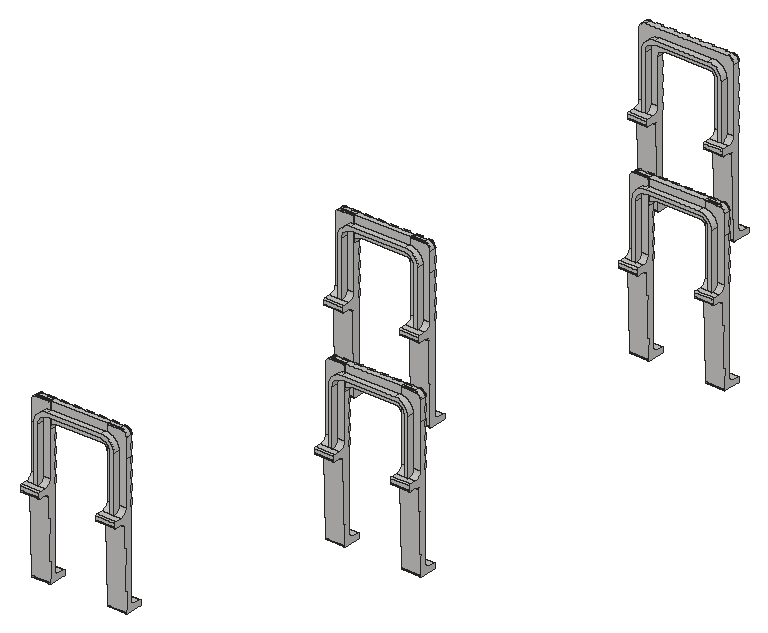
Revit family "TSF‐___‐DSD‐IRON‐SI_B0 (LOD500)", category Generic Models, host Face, Revit 2018 (continued)
Forms (mm)
  Extrusion 26, solid, material "Stainless Steel", visible <- "LHS"
    sketch origin (50, -908, 0) x (0, 0, 1) y (1, 0, 0)
      loop
        line (40, 75) -> (40, 73.5)
        arc (40, 73.5) -> (40.146, 73.146) -> (40.5, 73) r 0.5
        line (40.5, 73) -> (49.5, 73)
        arc (49.5, 73) -> (49.854, 73.146) -> (50, 73.5) r 0.5
        line (50, 73.5) -> (50, 75) -> (40, 75)
      loop
        line (60, 75) -> (60, 73.5)
        arc (60, 73.5) -> (60.146, 73.146) -> (60.5, 73) r 0.5
        line (60.5, 73) -> (69.5, 73)
        arc (69.5, 73) -> (69.854, 73.146) -> (70, 73.5) r 0.5
        line (70, 73.5) -> (70, 75) -> (60, 75)
      loop
        line (80, 75) -> (80, 73.5)
        arc (80, 73.5) -> (80.146, 73.146) -> (80.5, 73) r 0.5
        line (80.5, 73) -> (89.492, 73)
        arc (89.492, 73) -> (89.851, 73.149) -> (90, 73.508) r 0.508
        line (90, 73.508) -> (90, 75) -> (80, 75)
      loop
        line (100, 75) -> (100, 73.5)
        arc (100, 73.5) -> (100.146, 73.146) -> (100.5, 73) r 0.5
        line (100.5, 73) -> (109.5, 73)
        arc (109.5, 73) -> (109.854, 73.146) -> (110, 73.5) r 0.5
        line (110, 73.5) -> (110, 75) -> (100, 75)
      loop
        arc (120, 73.528) -> (120.148, 73.155) -> (120.511, 72.984) r 0.546
        arc (120.511, 72.984) -> (125.835, 70.473) -> (128, 65) r 8
        line (128, 65) -> (130, 65)
        arc (130, 65) -> (127.071, 72.071) -> (120, 75) r 10
        line (120, 75) -> (120, 73.528)
      loop
        line (130, 45) -> (130, 55) -> (128.5, 55)
        arc (128.5, 55) -> (128.146, 54.854) -> (128, 54.5) r 0.5
        line (128, 54.5) -> (128, 45.5)
        arc (128, 45.5) -> (128.146, 45.146) -> (128.5, 45) r 0.5
        line (128.5, 45) -> (130, 45)
      loop
        line (130, 25) -> (130, 35) -> (128.5, 35)
        arc (128.5, 35) -> (128.146, 34.854) -> (128, 34.5) r 0.5
        line (128, 34.5) -> (128, 25.5)
        arc (128, 25.5) -> (128.146, 25.146) -> (128.5, 25) r 0.5
        line (128.5, 25) -> (130, 25)
      loop
        line (130, 5) -> (130, 15) -> (128.5, 15)
        arc (128.5, 15) -> (128.146, 14.854) -> (128, 14.5) r 0.5
        line (128, 14.5) -> (128, 5.5)
        arc (128, 5.5) -> (128.146, 5.146) -> (128.5, 5) r 0.5
        line (128.5, 5) -> (130, 5)
      loop
        line (130, -15) -> (130, -5) -> (128.5, -5)
        arc (128.5, -5) -> (128.146, -5.146) -> (128, -5.5) r 0.5
        line (128, -5.5) -> (128, -14.5)
        arc (128, -14.5) -> (128.146, -14.854) -> (128.5, -15) r 0.5
        line (128.5, -15) -> (130, -15)
      loop
        line (130, -35) -> (130, -25) -> (128.5, -25)
        arc (128.5, -25) -> (128.146, -25.146) -> (128, -25.5) r 0.5
        line (128, -25.5) -> (128, -34.5)
        arc (128, -34.5) -> (128.146, -34.854) -> (128.5, -35) r 0.5
        line (128.5, -35) -> (130, -35)
      loop
        line (130, -55) -> (130, -45) -> (128.5, -45)
        arc (128.5, -45) -> (128.146, -45.146) -> (128, -45.5) r 0.5
        line (128, -45.5) -> (128, -54.5)
        arc (128, -54.5) -> (128.146, -54.854) -> (128.5, -55) r 0.5
        line (128.5, -55) -> (130, -55)
      loop
        line (120, -73.508) -> (120, -75)
        arc (120, -75) -> (127.071, -72.071) -> (130, -65) r 10
        line (130, -65) -> (128.515, -65)
        arc (128.515, -65) -> (128.151, -65.144) -> (127.984, -65.499) r 0.532
        arc (127.984, -65.499) -> (125.655, -70.659) -> (120.492, -72.985) r 8
        arc (120.492, -72.985) -> (120.142, -73.149) -> (120, -73.508) r 0.525
      loop
        line (100, -75) -> (110, -75) -> (110, -73.5)
        arc (110, -73.5) -> (109.854, -73.146) -> (109.5, -73) r 0.5
        line (109.5, -73) -> (100.5, -73)
        arc (100.5, -73) -> (100.146, -73.146) -> (100, -73.5) r 0.5
        line (100, -73.5) -> (100, -75)
      loop
        line (80, -75) -> (90, -75) -> (90, -73.5)
        arc (90, -73.5) -> (89.854, -73.146) -> (89.5, -73) r 0.5
        line (89.5, -73) -> (80.5, -73)
        arc (80.5, -73) -> (80.146, -73.146) -> (80, -73.5) r 0.5
        line (80, -73.5) -> (80, -75)
      loop
        line (60, -75) -> (71.013, -75) -> (71.013, -73.5)
        arc (71.013, -73.5) -> (70.866, -73.146) -> (70.513, -73) r 0.5
        line (70.513, -73) -> (60.5, -73)
        arc (60.5, -73) -> (60.146, -73.146) -> (60, -73.5) r 0.5
        line (60, -73.5) -> (60, -75)
      loop
        line (40, -75) -> (50, -75) -> (50, -73.5)
        arc (50, -73.5) -> (49.854, -73.146) -> (49.5, -73) r 0.5
        line (49.5, -73) -> (40.5, -73)
        arc (40.5, -73) -> (40.146, -73.146) -> (40, -73.5) r 0.5
        line (40, -73.5) -> (40, -75)
      loop
        line (20, -75) -> (30, -75) -> (30, -73.5)
        arc (30, -73.5) -> (29.854, -73.146) -> (29.5, -73) r 0.5
        line (29.5, -73) -> (20.5, -73)
        arc (20.5, -73) -> (20.146, -73.146) -> (20, -73.5) r 0.5
        line (20, -73.5) -> (20, -75)
      loop
        line (10, -47) -> (19.5, -47)
        arc (19.5, -47) -> (19.854, -46.854) -> (20, -46.5) r 0.5
        line (20, -46.5) -> (20, -45) -> (10, -45) -> (10, -47)
      loop
        line (30, -45) -> (30, -46.5)
        arc (30, -46.5) -> (30.146, -46.854) -> (30.5, -47) r 0.5
        line (30.5, -47) -> (39.5, -47)
        arc (39.5, -47) -> (39.854, -46.854) -> (40, -46.5) r 0.5
        line (40, -46.5) -> (40, -45) -> (30, -45)
      loop
        line (50, -45) -> (50, -46.5)
        arc (50, -46.5) -> (50.146, -46.854) -> (50.5, -47) r 0.5
        line (50.5, -47) -> (59.5, -47)
        arc (59.5, -47) -> (59.854, -46.854) -> (60, -46.5) r 0.5
        line (60, -46.5) -> (60, -45) -> (50, -45)
      loop
        line (71.097, -45) -> (71.097, -46.5)
        arc (71.097, -46.5) -> (71.244, -46.854) -> (71.597, -47) r 0.5
        line (71.597, -47) -> (79.5, -47)
        arc (79.5, -47) -> (79.854, -46.854) -> (80, -46.5) r 0.5
        line (80, -46.5) -> (80, -45) -> (71.097, -45)
      loop
        arc (95.528, -45.651) -> (95.774, -45.36) -> (95.746, -44.98) r 0.502
        line (95.746, -44.98) -> (95.067, -43.621)
        arc (95.067, -43.621) -> (92.626, -44.649) -> (90, -45) r 10
        line (90, -45) -> (90, -46.489)
        arc (90, -46.489) -> (90.154, -46.85) -> (90.522, -46.989) r 0.5
        arc (90.522, -46.989) -> (93.098, -46.593) -> (95.528, -45.651) r 12
      loop
        arc (100, -35) -> (99.671, -37.543) -> (98.707, -39.918) r 10
        line (98.707, -39.918) -> (100.107, -40.519)
        arc (100.107, -40.519) -> (100.494, -40.529) -> (100.781, -40.269) r 0.521
        arc (100.781, -40.269) -> (101.63, -37.958) -> (101.989, -35.522) r 12
        arc (101.989, -35.522) -> (101.85, -35.154) -> (101.489, -35) r 0.5
        line (101.489, -35) -> (100, -35)
      loop
        line (100, -25) -> (101.5, -25)
        arc (101.5, -25) -> (101.854, -24.854) -> (102, -24.5) r 0.5
        line (102, -24.5) -> (102, -15.5)
        arc (102, -15.5) -> (101.854, -15.146) -> (101.5, -15) r 0.5
        line (101.5, -15) -> (100, -15) -> (100, -25)
      loop
        line (100, -5) -> (101.5, -5)
        arc (101.5, -5) -> (101.854, -4.854) -> (102, -4.5) r 0.5
        line (102, -4.5) -> (102, 4.5)
        arc (102, 4.5) -> (101.854, 4.854) -> (101.5, 5) r 0.5
        line (101.5, 5) -> (100, 5) -> (100, -5)
      loop
        line (100, 15) -> (101.5, 15)
        arc (101.5, 15) -> (101.854, 15.146) -> (102, 15.5) r 0.5
        line (102, 15.5) -> (102, 24.5)
        arc (102, 24.5) -> (101.854, 24.854) -> (101.5, 25) r 0.5
        line (101.5, 25) -> (100, 25) -> (100, 15)
      loop
        line (10, 47) -> (10, 45) -> (20, 45) -> (20, 46.5)
        arc (20, 46.5) -> (19.854, 46.854) -> (19.5, 47) r 0.5
        line (19.5, 47) -> (10, 47)
      loop
        line (30, 45) -> (40, 45) -> (40, 46.5)
        arc (40, 46.5) -> (39.854, 46.854) -> (39.5, 47) r 0.5
        line (39.5, 47) -> (30.5, 47)
        arc (30.5, 47) -> (30.146, 46.854) -> (30, 46.5) r 0.5
        line (30, 46.5) -> (30, 45)
      loop
        line (50, 45) -> (60, 45) -> (60, 46.5)
        arc (60, 46.5) -> (59.854, 46.854) -> (59.5, 47) r 0.5
        line (59.5, 47) -> (50.5, 47)
        arc (50.5, 47) -> (50.146, 46.854) -> (50, 46.5) r 0.5
        line (50, 46.5) -> (50, 45)
      loop
        line (70, 45) -> (80, 45) -> (80, 46.5)
        arc (80, 46.5) -> (79.854, 46.854) -> (79.5, 47) r 0.5
        line (79.5, 47) -> (70.5, 47)
        arc (70.5, 47) -> (70.146, 46.854) -> (70, 46.5) r 0.5
        line (70, 46.5) -> (70, 45)
      loop
        arc (100.495, 40.818) -> (100.182, 41.061) -> (99.79, 41.004) r 0.505
        line (99.79, 41.004) -> (98.525, 40.228)
        arc (98.525, 40.228) -> (99.624, 37.716) -> (100, 35) r 10
        line (100, 35) -> (101.489, 35)
        arc (101.489, 35) -> (101.85, 35.154) -> (101.989, 35.522) r 0.5
        arc (101.989, 35.522) -> (101.55, 38.257) -> (100.495, 40.818) r 12
      loop
        arc (90, 45) -> (92.484, 44.687) -> (94.812, 43.766) r 10
        line (94.812, 43.766) -> (95.62, 44.978)
        arc (95.62, 44.978) -> (95.687, 45.382) -> (95.43, 45.701) r 0.5
        arc (95.43, 45.701) -> (93.045, 46.607) -> (90.522, 46.989) r 12
        arc (90.522, 46.989) -> (90.154, 46.85) -> (90, 46.489) r 0.5
        line (90, 46.489) -> (90, 45)
    from 8 to 10
  Extrusion 27, solid, material "Stainless Steel", visible <- "LHS"
    sketch origin (50, -908, 0) x (0, 0, 1) y (0, 1, 0)
      loop
        arc (-130, 1.939) -> (-129.436, 0.547) -> (-128.061, -0.06) r 2
        line (-128.061, -0.06) -> (-4.791, -3.851)
        arc (-4.791, -3.851) -> (-1.391, -5.385) -> (0, -8.846) r 5
        line (0, -8.846) -> (0, -20)
        arc (0, -20) -> (0.586, -21.414) -> (2, -22) r 2
        line (2, -22) -> (8, -22)
        arc (8, -22) -> (9.414, -21.414) -> (10, -20) r 2
        line (10, -20) -> (10, -10)
        arc (10, -10) -> (12.929, -2.929) -> (20, 0) r 10
        line (20, 0) -> (128, 0)
        arc (128, 0) -> (129.414, 0.586) -> (130, 2) r 2
        line (130, 2) -> (130, 8) -> (6.433, 8) -> (-112.761, 8)
        arc (-112.761, 8) -> (-118.129, 10.068) -> (-120.721, 15.204) r 8
        line (-120.721, 15.204) -> (-121.91, 27.099)
        arc (-121.91, 27.099) -> (-122.234, 27.741) -> (-122.905, 28) r 1
        line (-122.905, 28) -> (-129, 28)
        arc (-129, 28) -> (-129.707, 27.707) -> (-130, 27) r 1
        line (-130, 27) -> (-130, 1.939)
    from 45 to 75
  Extrusion 28, solid, material "Stainless Steel", visible <- "LHS"
    sketch origin (170, -908, 0) x (0, 0, 1) y (0, 1, 0)
      loop
        arc (-130, 1.939) -> (-129.436, 0.547) -> (-128.061, -0.06) r 2
        line (-128.061, -0.06) -> (-4.791, -3.851)
        arc (-4.791, -3.851) -> (-1.391, -5.385) -> (0, -8.846) r 5
        line (0, -8.846) -> (0, -20)
        arc (0, -20) -> (0.586, -21.414) -> (2, -22) r 2
        line (2, -22) -> (8, -22)
        arc (8, -22) -> (9.414, -21.414) -> (10, -20) r 2
        line (10, -20) -> (10, -10)
        arc (10, -10) -> (12.929, -2.929) -> (20, 0) r 10
        line (20, 0) -> (128, 0)
        arc (128, 0) -> (129.414, 0.586) -> (130, 2) r 2
        line (130, 2) -> (130, 8) -> (6.433, 8) -> (-112.761, 8)
        arc (-112.761, 8) -> (-118.129, 10.068) -> (-120.721, 15.204) r 8
        line (-120.721, 15.204) -> (-121.91, 27.099)
        arc (-121.91, 27.099) -> (-122.234, 27.741) -> (-122.905, 28) r 1
        line (-122.905, 28) -> (-129, 28)
        arc (-129, 28) -> (-129.707, 27.707) -> (-130, 27) r 1
        line (-130, 27) -> (-130, 1.939)
    from 45 to 75
  Extrusion 29, solid, material "Stainless Steel", visible <- "LHS"
    sketch origin (50, -908, 0) x (0, 0, 1) y (1, 0, 0)
      loop
        arc (90, 45) -> (97.071, 42.071) -> (100, 35) r 10
        line (100, 35) -> (100, -35)
        arc (100, -35) -> (97.071, -42.071) -> (90, -45) r 10
        line (90, -45) -> (90, -75) -> (120, -75)
        arc (120, -75) -> (127.071, -72.071) -> (130, -65) r 10
        line (130, -65) -> (130, 65)
        arc (130, 65) -> (127.071, 72.071) -> (120, 75) r 10
        line (120, 75) -> (90, 75) -> (90, 45)
    from 0 to 8
  Extrusion 30, void
    sketch origin (50, -908, 0) x (0, 0, 1) y (1, 0, 0)
      loop
        line (130, 65) -> (130, 75) -> (120, 75)
        arc (120, 75) -> (127.071, 72.071) -> (130, 65) r 10
      loop
        line (120, -75) -> (130, -75) -> (130, -65)
        arc (130, -65) -> (127.071, -72.071) -> (120, -75) r 10
    from 0 to 8
  Extrusion 31, solid, material "Stainless Steel", visible <- "RHS"
    sketch origin (-50, -308, 0) x (0, 0, 1) y (1, 0, 0)
      loop
        line (97, 63) -> (0, 63) -> (0, 57) -> (97, 57)
        arc (97, 57) -> (107.607, 52.607) -> (112, 42) r 15
        line (112, 42) -> (112, -42)
        arc (112, -42) -> (107.607, -52.607) -> (97, -57) r 15
        line (97, -57) -> (0, -57) -> (0, -63) -> (97, -63)
        arc (97, -63) -> (111.849, -56.849) -> (118, -42) r 21
        line (118, -42) -> (118, 42)
        arc (118, 42) -> (111.849, 56.849) -> (97, 63) r 21
    from -10 to 0
  Extrusion 32, solid, material "Stainless Steel", visible <- "RHS"
    sketch origin (-50, -308, 0) x (0, 0, 1) y (1, 0, 0)
      loop
        line (20, 75) -> (20, 73.5)
        arc (20, 73.5) -> (20.146, 73.146) -> (20.5, 73) r 0.5
        line (20.5, 73) -> (29.5, 73)
        arc (29.5, 73) -> (29.854, 73.146) -> (30, 73.5) r 0.5
        line (30, 73.5) -> (30, 75) -> (20, 75)
      loop
        line (40, 75) -> (40, 73.5)
        arc (40, 73.5) -> (40.146, 73.146) -> (40.5, 73) r 0.5
        line (40.5, 73) -> (49.5, 73)
        arc (49.5, 73) -> (49.854, 73.146) -> (50, 73.5) r 0.5
        line (50, 73.5) -> (50, 75) -> (40, 75)
      loop
        line (60, 75) -> (60, 73.5)
        arc (60, 73.5) -> (60.146, 73.146) -> (60.5, 73) r 0.5
        line (60.5, 73) -> (69.5, 73)
        arc (69.5, 73) -> (69.854, 73.146) -> (70, 73.5) r 0.5
        line (70, 73.5) -> (70, 75) -> (60, 75)
      loop
        line (80, 75) -> (80, 73.5)
        arc (80, 73.5) -> (80.146, 73.146) -> (80.5, 73) r 0.5
        line (80.5, 73) -> (89.492, 73)
        arc (89.492, 73) -> (89.851, 73.149) -> (90, 73.508) r 0.508
        line (90, 73.508) -> (90, 75) -> (80, 75)
      loop
        line (100, 75) -> (100, 73.5)
        arc (100, 73.5) -> (100.146, 73.146) -> (100.5, 73) r 0.5
        line (100.5, 73) -> (109.5, 73)
        arc (109.5, 73) -> (109.854, 73.146) -> (110, 73.5) r 0.5
        line (110, 73.5) -> (110, 75) -> (100, 75)
      loop
        arc (120, 73.528) -> (120.148, 73.155) -> (120.511, 72.984) r 0.546
        arc (120.511, 72.984) -> (125.835, 70.473) -> (128, 65) r 8
        line (128, 65) -> (130, 65)
        arc (130, 65) -> (127.071, 72.071) -> (120, 75) r 10
        line (120, 75) -> (120, 73.528)
      loop
        line (130, 45) -> (130, 55) -> (128.5, 55)
        arc (128.5, 55) -> (128.146, 54.854) -> (128, 54.5) r 0.5
        line (128, 54.5) -> (128, 45.5)
        arc (128, 45.5) -> (128.146, 45.146) -> (128.5, 45) r 0.5
        line (128.5, 45) -> (130, 45)
      loop
        line (130, 25) -> (130, 35) -> (128.5, 35)
        arc (128.5, 35) -> (128.146, 34.854) -> (128, 34.5) r 0.5
        line (128, 34.5) -> (128, 25.5)
        arc (128, 25.5) -> (128.146, 25.146) -> (128.5, 25) r 0.5
        line (128.5, 25) -> (130, 25)
      loop
        line (130, 5) -> (130, 15) -> (128.5, 15)
        arc (128.5, 15) -> (128.146, 14.854) -> (128, 14.5) r 0.5
        line (128, 14.5) -> (128, 5.5)
        arc (128, 5.5) -> (128.146, 5.146) -> (128.5, 5) r 0.5
        line (128.5, 5) -> (130, 5)
      loop
        line (130, -15) -> (130, -5) -> (128.5, -5)
        arc (128.5, -5) -> (128.146, -5.146) -> (128, -5.5) r 0.5
        line (128, -5.5) -> (128, -14.5)
        arc (128, -14.5) -> (128.146, -14.854) -> (128.5, -15) r 0.5
        line (128.5, -15) -> (130, -15)
      loop
        line (130, -35) -> (130, -25) -> (128.5, -25)
        arc (128.5, -25) -> (128.146, -25.146) -> (128, -25.5) r 0.5
        line (128, -25.5) -> (128, -34.5)
        arc (128, -34.5) -> (128.146, -34.854) -> (128.5, -35) r 0.5
        line (128.5, -35) -> (130, -35)
      loop
        line (130, -55) -> (130, -45) -> (128.5, -45)
        arc (128.5, -45) -> (128.146, -45.146) -> (128, -45.5) r 0.5
        line (128, -45.5) -> (128, -54.5)
        arc (128, -54.5) -> (128.146, -54.854) -> (128.5, -55) r 0.5
        line (128.5, -55) -> (130, -55)
      loop
        line (120, -73.508) -> (120, -75)
        arc (120, -75) -> (127.071, -72.071) -> (130, -65) r 10
        line (130, -65) -> (128.515, -65)
        arc (128.515, -65) -> (128.151, -65.144) -> (127.984, -65.499) r 0.532
        arc (127.984, -65.499) -> (125.655, -70.659) -> (120.492, -72.985) r 8
        arc (120.492, -72.985) -> (120.142, -73.149) -> (120, -73.508) r 0.525
      loop
        line (100, -75) -> (110, -75) -> (110, -73.5)
        arc (110, -73.5) -> (109.854, -73.146) -> (109.5, -73) r 0.5
        line (109.5, -73) -> (100.5, -73)
        arc (100.5, -73) -> (100.146, -73.146) -> (100, -73.5) r 0.5
        line (100, -73.5) -> (100, -75)
      loop
        line (80, -75) -> (90, -75) -> (90, -73.5)
        arc (90, -73.5) -> (89.854, -73.146) -> (89.5, -73) r 0.5
        line (89.5, -73) -> (80.5, -73)
        arc (80.5, -73) -> (80.146, -73.146) -> (80, -73.5) r 0.5
        line (80, -73.5) -> (80, -75)
      loop
        line (60, -75) -> (71.013, -75) -> (71.013, -73.5)
        arc (71.013, -73.5) -> (70.866, -73.146) -> (70.513, -73) r 0.5
        line (70.513, -73) -> (60.5, -73)
        arc (60.5, -73) -> (60.146, -73.146) -> (60, -73.5) r 0.5
        line (60, -73.5) -> (60, -75)
      loop
        line (40, -75) -> (50, -75) -> (50, -73.5)
        arc (50, -73.5) -> (49.854, -73.146) -> (49.5, -73) r 0.5
        line (49.5, -73) -> (40.5, -73)
        arc (40.5, -73) -> (40.146, -73.146) -> (40, -73.5) r 0.5
        line (40, -73.5) -> (40, -75)
      loop
        line (20, -75) -> (30, -75) -> (30, -73.5)
        arc (30, -73.5) -> (29.854, -73.146) -> (29.5, -73) r 0.5
        line (29.5, -73) -> (20.5, -73)
        arc (20.5, -73) -> (20.146, -73.146) -> (20, -73.5) r 0.5
        line (20, -73.5) -> (20, -75)
      loop
        line (10, -47) -> (19.5, -47)
        arc (19.5, -47) -> (19.854, -46.854) -> (20, -46.5) r 0.5
        line (20, -46.5) -> (20, -45) -> (10, -45) -> (10, -47)
      loop
        line (30, -45) -> (30, -46.5)
        arc (30, -46.5) -> (30.146, -46.854) -> (30.5, -47) r 0.5
        line (30.5, -47) -> (39.5, -47)
        arc (39.5, -47) -> (39.854, -46.854) -> (40, -46.5) r 0.5
        line (40, -46.5) -> (40, -45) -> (30, -45)
      loop
        line (50, -45) -> (50, -46.5)
        arc (50, -46.5) -> (50.146, -46.854) -> (50.5, -47) r 0.5
        line (50.5, -47) -> (59.5, -47)
        arc (59.5, -47) -> (59.854, -46.854) -> (60, -46.5) r 0.5
        line (60, -46.5) -> (60, -45) -> (50, -45)
      loop
        line (71.097, -45) -> (71.097, -46.5)
        arc (71.097, -46.5) -> (71.244, -46.854) -> (71.597, -47) r 0.5
        line (71.597, -47) -> (79.5, -47)
        arc (79.5, -47) -> (79.854, -46.854) -> (80, -46.5) r 0.5
        line (80, -46.5) -> (80, -45) -> (71.097, -45)
      loop
        arc (95.528, -45.651) -> (95.774, -45.36) -> (95.746, -44.98) r 0.502
        line (95.746, -44.98) -> (95.067, -43.621)
        arc (95.067, -43.621) -> (92.626, -44.649) -> (90, -45) r 10
        line (90, -45) -> (90, -46.489)
        arc (90, -46.489) -> (90.154, -46.85) -> (90.522, -46.989) r 0.5
        arc (90.522, -46.989) -> (93.098, -46.593) -> (95.528, -45.651) r 12
      loop
        arc (100, -35) -> (99.671, -37.543) -> (98.707, -39.918) r 10
        line (98.707, -39.918) -> (100.107, -40.519)
        arc (100.107, -40.519) -> (100.494, -40.529) -> (100.781, -40.269) r 0.521
        arc (100.781, -40.269) -> (101.63, -37.958) -> (101.989, -35.522) r 12
        arc (101.989, -35.522) -> (101.85, -35.154) -> (101.489, -35) r 0.5
        line (101.489, -35) -> (100, -35)
      loop
        line (100, -25) -> (101.5, -25)
        arc (101.5, -25) -> (101.854, -24.854) -> (102, -24.5) r 0.5
        line (102, -24.5) -> (102, -15.5)
        arc (102, -15.5) -> (101.854, -15.146) -> (101.5, -15) r 0.5
        line (101.5, -15) -> (100, -15) -> (100, -25)
      loop
        line (100, -5) -> (101.5, -5)
        arc (101.5, -5) -> (101.854, -4.854) -> (102, -4.5) r 0.5
        line (102, -4.5) -> (102, 4.5)
        arc (102, 4.5) -> (101.854, 4.854) -> (101.5, 5) r 0.5
        line (101.5, 5) -> (100, 5) -> (100, -5)
      loop
        line (100, 15) -> (101.5, 15)
        arc (101.5, 15) -> (101.854, 15.146) -> (102, 15.5) r 0.5
        line (102, 15.5) -> (102, 24.5)
        arc (102, 24.5) -> (101.854, 24.854) -> (101.5, 25) r 0.5
        line (101.5, 25) -> (100, 25) -> (100, 15)
      loop
        line (10, 47) -> (10, 45) -> (20, 45) -> (20, 46.5)
        arc (20, 46.5) -> (19.854, 46.854) -> (19.5, 47) r 0.5
        line (19.5, 47) -> (10, 47)
      loop
        line (30, 45) -> (40, 45) -> (40, 46.5)
        arc (40, 46.5) -> (39.854, 46.854) -> (39.5, 47) r 0.5
        line (39.5, 47) -> (30.5, 47)
        arc (30.5, 47) -> (30.146, 46.854) -> (30, 46.5) r 0.5
        line (30, 46.5) -> (30, 45)
      loop
        line (50, 45) -> (60, 45) -> (60, 46.5)
        arc (60, 46.5) -> (59.854, 46.854) -> (59.5, 47) r 0.5
        line (59.5, 47) -> (50.5, 47)
        arc (50.5, 47) -> (50.146, 46.854) -> (50, 46.5) r 0.5
        line (50, 46.5) -> (50, 45)
      loop
        line (70, 45) -> (80, 45) -> (80, 46.5)
        arc (80, 46.5) -> (79.854, 46.854) -> (79.5, 47) r 0.5
        line (79.5, 47) -> (70.5, 47)
        arc (70.5, 47) -> (70.146, 46.854) -> (70, 46.5) r 0.5
        line (70, 46.5) -> (70, 45)
      loop
        arc (100.495, 40.818) -> (100.182, 41.061) -> (99.79, 41.004) r 0.505
        line (99.79, 41.004) -> (98.525, 40.228)
        arc (98.525, 40.228) -> (99.624, 37.716) -> (100, 35) r 10
        line (100, 35) -> (101.489, 35)
        arc (101.489, 35) -> (101.85, 35.154) -> (101.989, 35.522) r 0.5
        arc (101.989, 35.522) -> (101.55, 38.257) -> (100.495, 40.818) r 12
      loop
        arc (90, 45) -> (92.484, 44.687) -> (94.812, 43.766) r 10
        line (94.812, 43.766) -> (95.62, 44.978)
        arc (95.62, 44.978) -> (95.687, 45.382) -> (95.43, 45.701) r 0.5
        arc (95.43, 45.701) -> (93.045, 46.607) -> (90.522, 46.989) r 12
        arc (90.522, 46.989) -> (90.154, 46.85) -> (90, 46.489) r 0.5
        line (90, 46.489) -> (90, 45)
    from 8 to 10
  Extrusion 33, solid, material "Stainless Steel", visible <- "RHS"
    sketch origin (-50, -308, 0) x (0, 0, 1) y (0, 1, 0)
      loop
        arc (-130, 1.939) -> (-129.436, 0.547) -> (-128.061, -0.06) r 2
        line (-128.061, -0.06) -> (-4.791, -3.851)
        arc (-4.791, -3.851) -> (-1.391, -5.385) -> (0, -8.846) r 5
        line (0, -8.846) -> (0, -20)
        arc (0, -20) -> (0.586, -21.414) -> (2, -22) r 2
        line (2, -22) -> (8, -22)
        arc (8, -22) -> (9.414, -21.414) -> (10, -20) r 2
        line (10, -20) -> (10, -10)
        arc (10, -10) -> (12.929, -2.929) -> (20, 0) r 10
        line (20, 0) -> (128, 0)
        arc (128, 0) -> (129.414, 0.586) -> (130, 2) r 2
        line (130, 2) -> (130, 8) -> (6.433, 8) -> (-112.761, 8)
        arc (-112.761, 8) -> (-118.129, 10.068) -> (-120.721, 15.204) r 8
        line (-120.721, 15.204) -> (-121.91, 27.099)
        arc (-121.91, 27.099) -> (-122.234, 27.741) -> (-122.905, 28) r 1
        line (-122.905, 28) -> (-129, 28)
        arc (-129, 28) -> (-129.707, 27.707) -> (-130, 27) r 1
        line (-130, 27) -> (-130, 1.939)
    from 45 to 75
  Extrusion 34, solid, material "Stainless Steel", visible <- "RHS"
    sketch origin (70, -308, 0) x (0, 0, 1) y (0, 1, 0)
      loop
        arc (-130, 1.939) -> (-129.436, 0.547) -> (-128.061, -0.06) r 2
        line (-128.061, -0.06) -> (-4.791, -3.851)
        arc (-4.791, -3.851) -> (-1.391, -5.385) -> (0, -8.846) r 5
        line (0, -8.846) -> (0, -20)
        arc (0, -20) -> (0.586, -21.414) -> (2, -22) r 2
        line (2, -22) -> (8, -22)
        arc (8, -22) -> (9.414, -21.414) -> (10, -20) r 2
        line (10, -20) -> (10, -10)
        arc (10, -10) -> (12.929, -2.929) -> (20, 0) r 10
        line (20, 0) -> (128, 0)
        arc (128, 0) -> (129.414, 0.586) -> (130, 2) r 2
        line (130, 2) -> (130, 8) -> (6.433, 8) -> (-112.761, 8)
        arc (-112.761, 8) -> (-118.129, 10.068) -> (-120.721, 15.204) r 8
        line (-120.721, 15.204) -> (-121.91, 27.099)
        arc (-121.91, 27.099) -> (-122.234, 27.741) -> (-122.905, 28) r 1
        line (-122.905, 28) -> (-129, 28)
        arc (-129, 28) -> (-129.707, 27.707) -> (-130, 27) r 1
        line (-130, 27) -> (-130, 1.939)
    from 45 to 75
  Extrusion 35, solid, material "Stainless Steel", visible <- "RHS"
    sketch origin (-50, -308, 0) x (0, 0, 1) y (1, 0, 0)
      loop
        arc (90, 45) -> (97.071, 42.071) -> (100, 35) r 10
        line (100, 35) -> (100, -35)
        arc (100, -35) -> (97.071, -42.071) -> (90, -45) r 10
        line (90, -45) -> (90, -75) -> (120, -75)
        arc (120, -75) -> (127.071, -72.071) -> (130, -65) r 10
        line (130, -65) -> (130, 65)
        arc (130, 65) -> (127.071, 72.071) -> (120, 75) r 10
        line (120, 75) -> (90, 75) -> (90, 45)
    from 0 to 8
  Extrusion 36, void
    sketch origin (-50, -308, 0) x (0, 0, 1) y (1, 0, 0)
      loop
        line (130, 65) -> (130, 75) -> (120, 75)
        arc (120, 75) -> (127.071, 72.071) -> (130, 65) r 10
      loop
        line (120, -75) -> (130, -75) -> (130, -65)
        arc (130, -65) -> (127.071, -72.071) -> (120, -75) r 10
    from 0 to 8
  Extrusion 37, solid, material "Stainless Steel", visible <- "RHS"
    sketch origin (-50, -908, 0) x (0, 0, 1) y (1, 0, 0)
      loop
        line (97, 63) -> (0, 63) -> (0, 57) -> (97, 57)
        arc (97, 57) -> (107.607, 52.607) -> (112, 42) r 15
        line (112, 42) -> (112, -42)
        arc (112, -42) -> (107.607, -52.607) -> (97, -57) r 15
        line (97, -57) -> (0, -57) -> (0, -63) -> (97, -63)
        arc (97, -63) -> (111.849, -56.849) -> (118, -42) r 21
        line (118, -42) -> (118, 42)
        arc (118, 42) -> (111.849, 56.849) -> (97, 63) r 21
    from -10 to 0
  Extrusion 38, solid, material "Stainless Steel", visible <- "RHS"
    sketch origin (-50, -908, 0) x (0, 0, 1) y (1, 0, 0)
      loop
        line (20, 75) -> (20, 73.5)
        arc (20, 73.5) -> (20.146, 73.146) -> (20.5, 73) r 0.5
        line (20.5, 73) -> (29.5, 73)
        arc (29.5, 73) -> (29.854, 73.146) -> (30, 73.5) r 0.5
        line (30, 73.5) -> (30, 75) -> (20, 75)
      loop
        line (40, 75) -> (40, 73.5)
        arc (40, 73.5) -> (40.146, 73.146) -> (40.5, 73) r 0.5
        line (40.5, 73) -> (49.5, 73)
        arc (49.5, 73) -> (49.854, 73.146) -> (50, 73.5) r 0.5
        line (50, 73.5) -> (50, 75) -> (40, 75)
      loop
        line (60, 75) -> (60, 73.5)
        arc (60, 73.5) -> (60.146, 73.146) -> (60.5, 73) r 0.5
        line (60.5, 73) -> (69.5, 73)
        arc (69.5, 73) -> (69.854, 73.146) -> (70, 73.5) r 0.5
        line (70, 73.5) -> (70, 75) -> (60, 75)
      loop
        line (80, 75) -> (80, 73.5)
        arc (80, 73.5) -> (80.146, 73.146) -> (80.5, 73) r 0.5
        line (80.5, 73) -> (89.492, 73)
        arc (89.492, 73) -> (89.851, 73.149) -> (90, 73.508) r 0.508
        line (90, 73.508) -> (90, 75) -> (80, 75)
      loop
        line (100, 75) -> (100, 73.5)
        arc (100, 73.5) -> (100.146, 73.146) -> (100.5, 73) r 0.5
        line (100.5, 73) -> (109.5, 73)
        arc (109.5, 73) -> (109.854, 73.146) -> (110, 73.5) r 0.5
        line (110, 73.5) -> (110, 75) -> (100, 75)
      loop
        arc (120, 73.528) -> (120.148, 73.155) -> (120.511, 72.984) r 0.546
        arc (120.511, 72.984) -> (125.835, 70.473) -> (128, 65) r 8
        line (128, 65) -> (130, 65)
        arc (130, 65) -> (127.071, 72.071) -> (120, 75) r 10
        line (120, 75) -> (120, 73.528)
      loop
        line (130, 45) -> (130, 55) -> (128.5, 55)
        arc (128.5, 55) -> (128.146, 54.854) -> (128, 54.5) r 0.5
        line (128, 54.5) -> (128, 45.5)
        arc (128, 45.5) -> (128.146, 45.146) -> (128.5, 45) r 0.5
        line (128.5, 45) -> (130, 45)
      loop
        line (130, 25) -> (130, 35) -> (128.5, 35)
        arc (128.5, 35) -> (128.146, 34.854) -> (128, 34.5) r 0.5
        line (128, 34.5) -> (128, 25.5)
        arc (128, 25.5) -> (128.146, 25.146) -> (128.5, 25) r 0.5
        line (128.5, 25) -> (130, 25)
      loop
        line (130, 5) -> (130, 15) -> (128.5, 15)
        arc (128.5, 15) -> (128.146, 14.854) -> (128, 14.5) r 0.5
        line (128, 14.5) -> (128, 5.5)
        arc (128, 5.5) -> (128.146, 5.146) -> (128.5, 5) r 0.5
        line (128.5, 5) -> (130, 5)
      loop
        line (130, -15) -> (130, -5) -> (128.5, -5)
        arc (128.5, -5) -> (128.146, -5.146) -> (128, -5.5) r 0.5
        line (128, -5.5) -> (128, -14.5)
        arc (128, -14.5) -> (128.146, -14.854) -> (128.5, -15) r 0.5
        line (128.5, -15) -> (130, -15)
      loop
        line (130, -35) -> (130, -25) -> (128.5, -25)
        arc (128.5, -25) -> (128.146, -25.146) -> (128, -25.5) r 0.5
        line (128, -25.5) -> (128, -34.5)
        arc (128, -34.5) -> (128.146, -34.854) -> (128.5, -35) r 0.5
        line (128.5, -35) -> (130, -35)
      loop
        line (130, -55) -> (130, -45) -> (128.5, -45)
        arc (128.5, -45) -> (128.146, -45.146) -> (128, -45.5) r 0.5
        line (128, -45.5) -> (128, -54.5)
        arc (128, -54.5) -> (128.146, -54.854) -> (128.5, -55) r 0.5
        line (128.5, -55) -> (130, -55)
      loop
        line (120, -73.508) -> (120, -75)
        arc (120, -75) -> (127.071, -72.071) -> (130, -65) r 10
        line (130, -65) -> (128.515, -65)
        arc (128.515, -65) -> (128.151, -65.144) -> (127.984, -65.499) r 0.532
        arc (127.984, -65.499) -> (125.655, -70.659) -> (120.492, -72.985) r 8
        arc (120.492, -72.985) -> (120.142, -73.149) -> (120, -73.508) r 0.525
      loop
        line (100, -75) -> (110, -75) -> (110, -73.5)
        arc (110, -73.5) -> (109.854, -73.146) -> (109.5, -73) r 0.5
        line (109.5, -73) -> (100.5, -73)
        arc (100.5, -73) -> (100.146, -73.146) -> (100, -73.5) r 0.5
        line (100, -73.5) -> (100, -75)
      loop
        line (80, -75) -> (90, -75) -> (90, -73.5)
        arc (90, -73.5) -> (89.854, -73.146) -> (89.5, -73) r 0.5
        line (89.5, -73) -> (80.5, -73)
        arc (80.5, -73) -> (80.146, -73.146) -> (80, -73.5) r 0.5
        line (80, -73.5) -> (80, -75)
      loop
        line (60, -75) -> (71.013, -75) -> (71.013, -73.5)
        arc (71.013, -73.5) -> (70.866, -73.146) -> (70.513, -73) r 0.5
        line (70.513, -73) -> (60.5, -73)
        arc (60.5, -73) -> (60.146, -73.146) -> (60, -73.5) r 0.5
        line (60, -73.5) -> (60, -75)
      loop
        line (40, -75) -> (50, -75) -> (50, -73.5)
        arc (50, -73.5) -> (49.854, -73.146) -> (49.5, -73) r 0.5
        line (49.5, -73) -> (40.5, -73)
        arc (40.5, -73) -> (40.146, -73.146) -> (40, -73.5) r 0.5
        line (40, -73.5) -> (40, -75)
      loop
        line (20, -75) -> (30, -75) -> (30, -73.5)
        arc (30, -73.5) -> (29.854, -73.146) -> (29.5, -73) r 0.5
        line (29.5, -73) -> (20.5, -73)
        arc (20.5, -73) -> (20.146, -73.146) -> (20, -73.5) r 0.5
        line (20, -73.5) -> (20, -75)
      loop
        line (10, -47) -> (19.5, -47)
        arc (19.5, -47) -> (19.854, -46.854) -> (20, -46.5) r 0.5
        line (20, -46.5) -> (20, -45) -> (10, -45) -> (10, -47)
      loop
        line (30, -45) -> (30, -46.5)
        arc (30, -46.5) -> (30.146, -46.854) -> (30.5, -47) r 0.5
        line (30.5, -47) -> (39.5, -47)
        arc (39.5, -47) -> (39.854, -46.854) -> (40, -46.5) r 0.5
        line (40, -46.5) -> (40, -45) -> (30, -45)
      loop
        line (50, -45) -> (50, -46.5)
        arc (50, -46.5) -> (50.146, -46.854) -> (50.5, -47) r 0.5
        line (50.5, -47) -> (59.5, -47)
        arc (59.5, -47) -> (59.854, -46.854) -> (60, -46.5) r 0.5
        line (60, -46.5) -> (60, -45) -> (50, -45)
      loop
        line (71.097, -45) -> (71.097, -46.5)
        arc (71.097, -46.5) -> (71.244, -46.854) -> (71.597, -47) r 0.5
        line (71.597, -47) -> (79.5, -47)
        arc (79.5, -47) -> (79.854, -46.854) -> (80, -46.5) r 0.5
        line (80, -46.5) -> (80, -45) -> (71.097, -45)
      loop
        arc (95.528, -45.651) -> (95.774, -45.36) -> (95.746, -44.98) r 0.502
        line (95.746, -44.98) -> (95.067, -43.621)
        arc (95.067, -43.621) -> (92.626, -44.649) -> (90, -45) r 10
        line (90, -45) -> (90, -46.489)
        arc (90, -46.489) -> (90.154, -46.85) -> (90.522, -46.989) r 0.5
        arc (90.522, -46.989) -> (93.098, -46.593) -> (95.528, -45.651) r 12
      loop
        arc (100, -35) -> (99.671, -37.543) -> (98.707, -39.918) r 10
        line (98.707, -39.918) -> (100.107, -40.519)
        arc (100.107, -40.519) -> (100.494, -40.529) -> (100.781, -40.269) r 0.521
        arc (100.781, -40.269) -> (101.63, -37.958) -> (101.989, -35.522) r 12
        arc (101.989, -35.522) -> (101.85, -35.154) -> (101.489, -35) r 0.5
        line (101.489, -35) -> (100, -35)
      loop
        line (100, -25) -> (101.5, -25)
        arc (101.5, -25) -> (101.854, -24.854) -> (102, -24.5) r 0.5
        line (102, -24.5) -> (102, -15.5)
        arc (102, -15.5) -> (101.854, -15.146) -> (101.5, -15) r 0.5
        line (101.5, -15) -> (100, -15) -> (100, -25)
      loop
        line (100, -5) -> (101.5, -5)
        arc (101.5, -5) -> (101.854, -4.854) -> (102, -4.5) r 0.5
        line (102, -4.5) -> (102, 4.5)
        arc (102, 4.5) -> (101.854, 4.854) -> (101.5, 5) r 0.5
        line (101.5, 5) -> (100, 5) -> (100, -5)
      loop
        line (100, 15) -> (101.5, 15)
        arc (101.5, 15) -> (101.854, 15.146) -> (102, 15.5) r 0.5
        line (102, 15.5) -> (102, 24.5)
        arc (102, 24.5) -> (101.854, 24.854) -> (101.5, 25) r 0.5
        line (101.5, 25) -> (100, 25) -> (100, 15)
      loop
        line (10, 47) -> (10, 45) -> (20, 45) -> (20, 46.5)
        arc (20, 46.5) -> (19.854, 46.854) -> (19.5, 47) r 0.5
        line (19.5, 47) -> (10, 47)
      loop
        line (30, 45) -> (40, 45) -> (40, 46.5)
        arc (40, 46.5) -> (39.854, 46.854) -> (39.5, 47) r 0.5
        line (39.5, 47) -> (30.5, 47)
        arc (30.5, 47) -> (30.146, 46.854) -> (30, 46.5) r 0.5
        line (30, 46.5) -> (30, 45)
      loop
        line (50, 45) -> (60, 45) -> (60, 46.5)
        arc (60, 46.5) -> (59.854, 46.854) -> (59.5, 47) r 0.5
        line (59.5, 47) -> (50.5, 47)
        arc (50.5, 47) -> (50.146, 46.854) -> (50, 46.5) r 0.5
        line (50, 46.5) -> (50, 45)
      loop
        line (70, 45) -> (80, 45) -> (80, 46.5)
        arc (80, 46.5) -> (79.854, 46.854) -> (79.5, 47) r 0.5
        line (79.5, 47) -> (70.5, 47)
        arc (70.5, 47) -> (70.146, 46.854) -> (70, 46.5) r 0.5
        line (70, 46.5) -> (70, 45)
      loop
        arc (100.495, 40.818) -> (100.182, 41.061) -> (99.79, 41.004) r 0.505
        line (99.79, 41.004) -> (98.525, 40.228)
        arc (98.525, 40.228) -> (99.624, 37.716) -> (100, 35) r 10
        line (100, 35) -> (101.489, 35)
        arc (101.489, 35) -> (101.85, 35.154) -> (101.989, 35.522) r 0.5
        arc (101.989, 35.522) -> (101.55, 38.257) -> (100.495, 40.818) r 12
      loop
        arc (90, 45) -> (92.484, 44.687) -> (94.812, 43.766) r 10
        line (94.812, 43.766) -> (95.62, 44.978)
        arc (95.62, 44.978) -> (95.687, 45.382) -> (95.43, 45.701) r 0.5
        arc (95.43, 45.701) -> (93.045, 46.607) -> (90.522, 46.989) r 12
        arc (90.522, 46.989) -> (90.154, 46.85) -> (90, 46.489) r 0.5
        line (90, 46.489) -> (90, 45)
    from 8 to 10
  Extrusion 39, solid, material "Stainless Steel", visible <- "RHS"
    sketch origin (-50, -908, 0) x (0, 0, 1) y (0, 1, 0)
      loop
        arc (-130, 1.939) -> (-129.436, 0.547) -> (-128.061, -0.06) r 2
        line (-128.061, -0.06) -> (-4.791, -3.851)
        arc (-4.791, -3.851) -> (-1.391, -5.385) -> (0, -8.846) r 5
        line (0, -8.846) -> (0, -20)
        arc (0, -20) -> (0.586, -21.414) -> (2, -22) r 2
        line (2, -22) -> (8, -22)
        arc (8, -22) -> (9.414, -21.414) -> (10, -20) r 2
        line (10, -20) -> (10, -10)
        arc (10, -10) -> (12.929, -2.929) -> (20, 0) r 10
        line (20, 0) -> (128, 0)
        arc (128, 0) -> (129.414, 0.586) -> (130, 2) r 2
        line (130, 2) -> (130, 8) -> (6.433, 8) -> (-112.761, 8)
        arc (-112.761, 8) -> (-118.129, 10.068) -> (-120.721, 15.204) r 8
        line (-120.721, 15.204) -> (-121.91, 27.099)
        arc (-121.91, 27.099) -> (-122.234, 27.741) -> (-122.905, 28) r 1
        line (-122.905, 28) -> (-129, 28)
        arc (-129, 28) -> (-129.707, 27.707) -> (-130, 27) r 1
        line (-130, 27) -> (-130, 1.939)
    from 45 to 75
  Extrusion 40, solid, material "Stainless Steel", visible <- "RHS"
    sketch origin (70, -908, 0) x (0, 0, 1) y (0, 1, 0)
      loop
        arc (-130, 1.939) -> (-129.436, 0.547) -> (-128.061, -0.06) r 2
        line (-128.061, -0.06) -> (-4.791, -3.851)
        arc (-4.791, -3.851) -> (-1.391, -5.385) -> (0, -8.846) r 5
        line (0, -8.846) -> (0, -20)
        arc (0, -20) -> (0.586, -21.414) -> (2, -22) r 2
        line (2, -22) -> (8, -22)
        arc (8, -22) -> (9.414, -21.414) -> (10, -20) r 2
        line (10, -20) -> (10, -10)
        arc (10, -10) -> (12.929, -2.929) -> (20, 0) r 10
        line (20, 0) -> (128, 0)
        arc (128, 0) -> (129.414, 0.586) -> (130, 2) r 2
        line (130, 2) -> (130, 8) -> (6.433, 8) -> (-112.761, 8)
        arc (-112.761, 8) -> (-118.129, 10.068) -> (-120.721, 15.204) r 8
        line (-120.721, 15.204) -> (-121.91, 27.099)
        arc (-121.91, 27.099) -> (-122.234, 27.741) -> (-122.905, 28) r 1
        line (-122.905, 28) -> (-129, 28)
        arc (-129, 28) -> (-129.707, 27.707) -> (-130, 27) r 1
        line (-130, 27) -> (-130, 1.939)
    from 45 to 75
  Extrusion 41, solid, material "Stainless Steel", visible <- "RHS"
    sketch origin (-50, -908, 0) x (0, 0, 1) y (1, 0, 0)
      loop
        arc (90, 45) -> (97.071, 42.071) -> (100, 35) r 10
        line (100, 35) -> (100, -35)
        arc (100, -35) -> (97.071, -42.071) -> (90, -45) r 10
        line (90, -45) -> (90, -75) -> (120, -75)
        arc (120, -75) -> (127.071, -72.071) -> (130, -65) r 10
        line (130, -65) -> (130, 65)
        arc (130, 65) -> (127.071, 72.071) -> (120, 75) r 10
        line (120, 75) -> (90, 75) -> (90, 45)
    from 0 to 8
  Extrusion 42, void
    sketch origin (-50, -908, 0) x (0, 0, 1) y (1, 0, 0)
      loop
        line (130, 65) -> (130, 75) -> (120, 75)
        arc (120, 75) -> (127.071, 72.071) -> (130, 65) r 10
      loop
        line (120, -75) -> (130, -75) -> (130, -65)
        arc (130, -65) -> (127.071, -72.071) -> (120, -75) r 10
    from 0 to 8
  Extrusion 43, solid, material "Stainless Steel", visible <- "RHS"
    sketch origin (175, -608, 0) x (0, 0, 1) y (1, 0, 0)
      loop
        line (97, 63) -> (0, 63) -> (0, 57) -> (97, 57)
        arc (97, 57) -> (107.607, 52.607) -> (112, 42) r 15
        line (112, 42) -> (112, -42)
        arc (112, -42) -> (107.607, -52.607) -> (97, -57) r 15
        line (97, -57) -> (0, -57) -> (0, -63) -> (97, -63)
        arc (97, -63) -> (111.849, -56.849) -> (118, -42) r 21
        line (118, -42) -> (118, 42)
        arc (118, 42) -> (111.849, 56.849) -> (97, 63) r 21
    from -10 to 0
  Extrusion 44, solid, material "Stainless Steel", visible <- "RHS"
    sketch origin (175, -608, 0) x (0, 0, 1) y (1, 0, 0)
      loop
        line (20, 75) -> (20, 73.5)
        arc (20, 73.5) -> (20.146, 73.146) -> (20.5, 73) r 0.5
        line (20.5, 73) -> (29.5, 73)
        arc (29.5, 73) -> (29.854, 73.146) -> (30, 73.5) r 0.5
        line (30, 73.5) -> (30, 75) -> (20, 75)
      loop
        line (40, 75) -> (40, 73.5)
        arc (40, 73.5) -> (40.146, 73.146) -> (40.5, 73) r 0.5
        line (40.5, 73) -> (49.5, 73)
        arc (49.5, 73) -> (49.854, 73.146) -> (50, 73.5) r 0.5
        line (50, 73.5) -> (50, 75) -> (40, 75)
      loop
        line (60, 75) -> (60, 73.5)
        arc (60, 73.5) -> (60.146, 73.146) -> (60.5, 73) r 0.5
        line (60.5, 73) -> (69.5, 73)
        arc (69.5, 73) -> (69.854, 73.146) -> (70, 73.5) r 0.5
        line (70, 73.5) -> (70, 75) -> (60, 75)
      loop
        line (80, 75) -> (80, 73.5)
        arc (80, 73.5) -> (80.146, 73.146) -> (80.5, 73) r 0.5
        line (80.5, 73) -> (89.492, 73)
        arc (89.492, 73) -> (89.851, 73.149) -> (90, 73.508) r 0.508
        line (90, 73.508) -> (90, 75) -> (80, 75)
      loop
        line (100, 75) -> (100, 73.5)
        arc (100, 73.5) -> (100.146, 73.146) -> (100.5, 73) r 0.5
        line (100.5, 73) -> (109.5, 73)
        arc (109.5, 73) -> (109.854, 73.146) -> (110, 73.5) r 0.5
        line (110, 73.5) -> (110, 75) -> (100, 75)
      loop
        arc (120, 73.528) -> (120.148, 73.155) -> (120.511, 72.984) r 0.546
        arc (120.511, 72.984) -> (125.835, 70.473) -> (128, 65) r 8
        line (128, 65) -> (130, 65)
        arc (130, 65) -> (127.071, 72.071) -> (120, 75) r 10
        line (120, 75) -> (120, 73.528)
      loop
        line (130, 45) -> (130, 55) -> (128.5, 55)
        arc (128.5, 55) -> (128.146, 54.854) -> (128, 54.5) r 0.5
        line (128, 54.5) -> (128, 45.5)
        arc (128, 45.5) -> (128.146, 45.146) -> (128.5, 45) r 0.5
        line (128.5, 45) -> (130, 45)
      loop
        line (130, 25) -> (130, 35) -> (128.5, 35)
        arc (128.5, 35) -> (128.146, 34.854) -> (128, 34.5) r 0.5
        line (128, 34.5) -> (128, 25.5)
        arc (128, 25.5) -> (128.146, 25.146) -> (128.5, 25) r 0.5
        line (128.5, 25) -> (130, 25)
      loop
        line (130, 5) -> (130, 15) -> (128.5, 15)
        arc (128.5, 15) -> (128.146, 14.854) -> (128, 14.5) r 0.5
        line (128, 14.5) -> (128, 5.5)
        arc (128, 5.5) -> (128.146, 5.146) -> (128.5, 5) r 0.5
        line (128.5, 5) -> (130, 5)
      loop
        line (130, -15) -> (130, -5) -> (128.5, -5)
        arc (128.5, -5) -> (128.146, -5.146) -> (128, -5.5) r 0.5
        line (128, -5.5) -> (128, -14.5)
        arc (128, -14.5) -> (128.146, -14.854) -> (128.5, -15) r 0.5
        line (128.5, -15) -> (130, -15)
      loop
        line (130, -35) -> (130, -25) -> (128.5, -25)
        arc (128.5, -25) -> (128.146, -25.146) -> (128, -25.5) r 0.5
        line (128, -25.5) -> (128, -34.5)
        arc (128, -34.5) -> (128.146, -34.854) -> (128.5, -35) r 0.5
        line (128.5, -35) -> (130, -35)
      loop
        line (130, -55) -> (130, -45) -> (128.5, -45)
        arc (128.5, -45) -> (128.146, -45.146) -> (128, -45.5) r 0.5
        line (128, -45.5) -> (128, -54.5)
        arc (128, -54.5) -> (128.146, -54.854) -> (128.5, -55) r 0.5
        line (128.5, -55) -> (130, -55)
      loop
        line (120, -73.508) -> (120, -75)
        arc (120, -75) -> (127.071, -72.071) -> (130, -65) r 10
        line (130, -65) -> (128.515, -65)
        arc (128.515, -65) -> (128.151, -65.144) -> (127.984, -65.499) r 0.532
        arc (127.984, -65.499) -> (125.655, -70.659) -> (120.492, -72.985) r 8
        arc (120.492, -72.985) -> (120.142, -73.149) -> (120, -73.508) r 0.525
      loop
        line (100, -75) -> (110, -75) -> (110, -73.5)
        arc (110, -73.5) -> (109.854, -73.146) -> (109.5, -73) r 0.5
        line (109.5, -73) -> (100.5, -73)
        arc (100.5, -73) -> (100.146, -73.146) -> (100, -73.5) r 0.5
        line (100, -73.5) -> (100, -75)
      loop
        line (80, -75) -> (90, -75) -> (90, -73.5)
        arc (90, -73.5) -> (89.854, -73.146) -> (89.5, -73) r 0.5
        line (89.5, -73) -> (80.5, -73)
        arc (80.5, -73) -> (80.146, -73.146) -> (80, -73.5) r 0.5
        line (80, -73.5) -> (80, -75)
      loop
        line (60, -75) -> (71.013, -75) -> (71.013, -73.5)
        arc (71.013, -73.5) -> (70.866, -73.146) -> (70.513, -73) r 0.5
        line (70.513, -73) -> (60.5, -73)
        arc (60.5, -73) -> (60.146, -73.146) -> (60, -73.5) r 0.5
        line (60, -73.5) -> (60, -75)
      loop
        line (40, -75) -> (50, -75) -> (50, -73.5)
        arc (50, -73.5) -> (49.854, -73.146) -> (49.5, -73) r 0.5
        line (49.5, -73) -> (40.5, -73)
        arc (40.5, -73) -> (40.146, -73.146) -> (40, -73.5) r 0.5
        line (40, -73.5) -> (40, -75)
      loop
        line (20, -75) -> (30, -75) -> (30, -73.5)
        arc (30, -73.5) -> (29.854, -73.146) -> (29.5, -73) r 0.5
        line (29.5, -73) -> (20.5, -73)
        arc (20.5, -73) -> (20.146, -73.146) -> (20, -73.5) r 0.5
        line (20, -73.5) -> (20, -75)
      loop
        line (10, -47) -> (19.5, -47)
        arc (19.5, -47) -> (19.854, -46.854) -> (20, -46.5) r 0.5
        line (20, -46.5) -> (20, -45) -> (10, -45) -> (10, -47)
      loop
        line (30, -45) -> (30, -46.5)
        arc (30, -46.5) -> (30.146, -46.854) -> (30.5, -47) r 0.5
        line (30.5, -47) -> (39.5, -47)
        arc (39.5, -47) -> (39.854, -46.854) -> (40, -46.5) r 0.5
        line (40, -46.5) -> (40, -45) -> (30, -45)
      loop
        line (50, -45) -> (50, -46.5)
        arc (50, -46.5) -> (50.146, -46.854) -> (50.5, -47) r 0.5
        line (50.5, -47) -> (59.5, -47)
        arc (59.5, -47) -> (59.854, -46.854) -> (60, -46.5) r 0.5
        line (60, -46.5) -> (60, -45) -> (50, -45)
      loop
        line (71.097, -45) -> (71.097, -46.5)
        arc (71.097, -46.5) -> (71.244, -46.854) -> (71.597, -47) r 0.5
        line (71.597, -47) -> (79.5, -47)
        arc (79.5, -47) -> (79.854, -46.854) -> (80, -46.5) r 0.5
        line (80, -46.5) -> (80, -45) -> (71.097, -45)
      loop
        arc (95.528, -45.651) -> (95.774, -45.36) -> (95.746, -44.98) r 0.502
        line (95.746, -44.98) -> (95.067, -43.621)
        arc (95.067, -43.621) -> (92.626, -44.649) -> (90, -45) r 10
        line (90, -45) -> (90, -46.489)
        arc (90, -46.489) -> (90.154, -46.85) -> (90.522, -46.989) r 0.5
        arc (90.522, -46.989) -> (93.098, -46.593) -> (95.528, -45.651) r 12
      loop
        arc (100, -35) -> (99.671, -37.543) -> (98.707, -39.918) r 10
        line (98.707, -39.918) -> (100.107, -40.519)
        arc (100.107, -40.519) -> (100.494, -40.529) -> (100.781, -40.269) r 0.521
        arc (100.781, -40.269) -> (101.63, -37.958) -> (101.989, -35.522) r 12
        arc (101.989, -35.522) -> (101.85, -35.154) -> (101.489, -35) r 0.5
        line (101.489, -35) -> (100, -35)
      loop
        line (100, -25) -> (101.5, -25)
        arc (101.5, -25) -> (101.854, -24.854) -> (102, -24.5) r 0.5
        line (102, -24.5) -> (102, -15.5)
        arc (102, -15.5) -> (101.854, -15.146) -> (101.5, -15) r 0.5
        line (101.5, -15) -> (100, -15) -> (100, -25)
      loop
        line (100, -5) -> (101.5, -5)
        arc (101.5, -5) -> (101.854, -4.854) -> (102, -4.5) r 0.5
        line (102, -4.5) -> (102, 4.5)
        arc (102, 4.5) -> (101.854, 4.854) -> (101.5, 5) r 0.5
        line (101.5, 5) -> (100, 5) -> (100, -5)
      loop
        line (100, 15) -> (101.5, 15)
        arc (101.5, 15) -> (101.854, 15.146) -> (102, 15.5) r 0.5
        line (102, 15.5) -> (102, 24.5)
        arc (102, 24.5) -> (101.854, 24.854) -> (101.5, 25) r 0.5
        line (101.5, 25) -> (100, 25) -> (100, 15)
      loop
        line (10, 47) -> (10, 45) -> (20, 45) -> (20, 46.5)
        arc (20, 46.5) -> (19.854, 46.854) -> (19.5, 47) r 0.5
        line (19.5, 47) -> (10, 47)
      loop
        line (30, 45) -> (40, 45) -> (40, 46.5)
        arc (40, 46.5) -> (39.854, 46.854) -> (39.5, 47) r 0.5
        line (39.5, 47) -> (30.5, 47)
        arc (30.5, 47) -> (30.146, 46.854) -> (30, 46.5) r 0.5
        line (30, 46.5) -> (30, 45)
      loop
        line (50, 45) -> (60, 45) -> (60, 46.5)
        arc (60, 46.5) -> (59.854, 46.854) -> (59.5, 47) r 0.5
        line (59.5, 47) -> (50.5, 47)
        arc (50.5, 47) -> (50.146, 46.854) -> (50, 46.5) r 0.5
        line (50, 46.5) -> (50, 45)
      loop
        line (70, 45) -> (80, 45) -> (80, 46.5)
        arc (80, 46.5) -> (79.854, 46.854) -> (79.5, 47) r 0.5
        line (79.5, 47) -> (70.5, 47)
        arc (70.5, 47) -> (70.146, 46.854) -> (70, 46.5) r 0.5
        line (70, 46.5) -> (70, 45)
      loop
        arc (100.495, 40.818) -> (100.182, 41.061) -> (99.79, 41.004) r 0.505
        line (99.79, 41.004) -> (98.525, 40.228)
        arc (98.525, 40.228) -> (99.624, 37.716) -> (100, 35) r 10
        line (100, 35) -> (101.489, 35)
        arc (101.489, 35) -> (101.85, 35.154) -> (101.989, 35.522) r 0.5
        arc (101.989, 35.522) -> (101.55, 38.257) -> (100.495, 40.818) r 12
      loop
        arc (90, 45) -> (92.484, 44.687) -> (94.812, 43.766) r 10
        line (94.812, 43.766) -> (95.62, 44.978)
        arc (95.62, 44.978) -> (95.687, 45.382) -> (95.43, 45.701) r 0.5
        arc (95.43, 45.701) -> (93.045, 46.607) -> (90.522, 46.989) r 12
        arc (90.522, 46.989) -> (90.154, 46.85) -> (90, 46.489) r 0.5
        line (90, 46.489) -> (90, 45)
    from 8 to 10
  Extrusion 45, solid, material "Stainless Steel", visible <- "RHS"
    sketch origin (175, -608, 0) x (0, 0, 1) y (0, 1, 0)
      loop
        arc (-130, 1.939) -> (-129.436, 0.547) -> (-128.061, -0.06) r 2
        line (-128.061, -0.06) -> (-4.791, -3.851)
        arc (-4.791, -3.851) -> (-1.391, -5.385) -> (0, -8.846) r 5
        line (0, -8.846) -> (0, -20)
        arc (0, -20) -> (0.586, -21.414) -> (2, -22) r 2
        line (2, -22) -> (8, -22)
        arc (8, -22) -> (9.414, -21.414) -> (10, -20) r 2
        line (10, -20) -> (10, -10)
        arc (10, -10) -> (12.929, -2.929) -> (20, 0) r 10
        line (20, 0) -> (128, 0)
        arc (128, 0) -> (129.414, 0.586) -> (130, 2) r 2
        line (130, 2) -> (130, 8) -> (6.433, 8) -> (-112.761, 8)
        arc (-112.761, 8) -> (-118.129, 10.068) -> (-120.721, 15.204) r 8
        line (-120.721, 15.204) -> (-121.91, 27.099)
        arc (-121.91, 27.099) -> (-122.234, 27.741) -> (-122.905, 28) r 1
        line (-122.905, 28) -> (-129, 28)
        arc (-129, 28) -> (-129.707, 27.707) -> (-130, 27) r 1
        line (-130, 27) -> (-130, 1.939)
    from 45 to 75
  Extrusion 46, solid, material "Stainless Steel", visible <- "RHS"
    sketch origin (295, -608, 0) x (0, 0, 1) y (0, 1, 0)
      loop
        arc (-130, 1.939) -> (-129.436, 0.547) -> (-128.061, -0.06) r 2
        line (-128.061, -0.06) -> (-4.791, -3.851)
        arc (-4.791, -3.851) -> (-1.391, -5.385) -> (0, -8.846) r 5
        line (0, -8.846) -> (0, -20)
        arc (0, -20) -> (0.586, -21.414) -> (2, -22) r 2
        line (2, -22) -> (8, -22)
        arc (8, -22) -> (9.414, -21.414) -> (10, -20) r 2
        line (10, -20) -> (10, -10)
        arc (10, -10) -> (12.929, -2.929) -> (20, 0) r 10
        line (20, 0) -> (128, 0)
        arc (128, 0) -> (129.414, 0.586) -> (130, 2) r 2
        line (130, 2) -> (130, 8) -> (6.433, 8) -> (-112.761, 8)
        arc (-112.761, 8) -> (-118.129, 10.068) -> (-120.721, 15.204) r 8
        line (-120.721, 15.204) -> (-121.91, 27.099)
        arc (-121.91, 27.099) -> (-122.234, 27.741) -> (-122.905, 28) r 1
        line (-122.905, 28) -> (-129, 28)
        arc (-129, 28) -> (-129.707, 27.707) -> (-130, 27) r 1
        line (-130, 27) -> (-130, 1.939)
    from 45 to 75
  Extrusion 47, solid, material "Stainless Steel", visible <- "RHS"
    sketch origin (175, -608, 0) x (0, 0, 1) y (1, 0, 0)
      loop
        arc (90, 45) -> (97.071, 42.071) -> (100, 35) r 10
        line (100, 35) -> (100, -35)
        arc (100, -35) -> (97.071, -42.071) -> (90, -45) r 10
        line (90, -45) -> (90, -75) -> (120, -75)
        arc (120, -75) -> (127.071, -72.071) -> (130, -65) r 10
        line (130, -65) -> (130, 65)
        arc (130, 65) -> (127.071, 72.071) -> (120, 75) r 10
        line (120, 75) -> (90, 75) -> (90, 45)
    from 0 to 8
  Extrusion 48, void
    sketch origin (175, -608, 0) x (0, 0, 1) y (1, 0, 0)
      loop
        line (130, 65) -> (130, 75) -> (120, 75)
        arc (120, 75) -> (127.071, 72.071) -> (130, 65) r 10
      loop
        line (120, -75) -> (130, -75) -> (130, -65)
        arc (130, -65) -> (127.071, -72.071) -> (120, -75) r 10
    from 0 to 8
  Extrusion 49, solid, material "Stainless Steel", visible <- "LHS"
    sketch origin (-175, -1208, 0) x (0, 0, 1) y (1, 0, 0)
      loop
        line (97, 63) -> (0, 63) -> (0, 57) -> (97, 57)
        arc (97, 57) -> (107.607, 52.607) -> (112, 42) r 15
        line (112, 42) -> (112, -42)
        arc (112, -42) -> (107.607, -52.607) -> (97, -57) r 15
        line (97, -57) -> (0, -57) -> (0, -63) -> (97, -63)
        arc (97, -63) -> (111.849, -56.849) -> (118, -42) r 21
        line (118, -42) -> (118, 42)
        arc (118, 42) -> (111.849, 56.849) -> (97, 63) r 21
    from -10 to 0
  Extrusion 50, solid, material "Stainless Steel", visible <- "LHS"
    sketch origin (-175, -1208, 0) x (0, 0, 1) y (1, 0, 0)
      loop
        line (20, 75) -> (20, 73.5)
        arc (20, 73.5) -> (20.146, 73.146) -> (20.5, 73) r 0.5
        line (20.5, 73) -> (29.5, 73)
        arc (29.5, 73) -> (29.854, 73.146) -> (30, 73.5) r 0.5
        line (30, 73.5) -> (30, 75) -> (20, 75)
      loop
        line (40, 75) -> (40, 73.5)
        arc (40, 73.5) -> (40.146, 73.146) -> (40.5, 73) r 0.5
        line (40.5, 73) -> (49.5, 73)
        arc (49.5, 73) -> (49.854, 73.146) -> (50, 73.5) r 0.5
        line (50, 73.5) -> (50, 75) -> (40, 75)
      loop
        line (60, 75) -> (60, 73.5)
        arc (60, 73.5) -> (60.146, 73.146) -> (60.5, 73) r 0.5
        line (60.5, 73) -> (69.5, 73)
        arc (69.5, 73) -> (69.854, 73.146) -> (70, 73.5) r 0.5
        line (70, 73.5) -> (70, 75) -> (60, 75)
      loop
        line (80, 75) -> (80, 73.5)
        arc (80, 73.5) -> (80.146, 73.146) -> (80.5, 73) r 0.5
        line (80.5, 73) -> (89.492, 73)
        arc (89.492, 73) -> (89.851, 73.149) -> (90, 73.508) r 0.508
        line (90, 73.508) -> (90, 75) -> (80, 75)
      loop
        line (100, 75) -> (100, 73.5)
        arc (100, 73.5) -> (100.146, 73.146) -> (100.5, 73) r 0.5
        line (100.5, 73) -> (109.5, 73)
        arc (109.5, 73) -> (109.854, 73.146) -> (110, 73.5) r 0.5
        line (110, 73.5) -> (110, 75) -> (100, 75)
      loop
        arc (120, 73.528) -> (120.148, 73.155) -> (120.511, 72.984) r 0.546
        arc (120.511, 72.984) -> (125.835, 70.473) -> (128, 65) r 8
        line (128, 65) -> (130, 65)
        arc (130, 65) -> (127.071, 72.071) -> (120, 75) r 10
        line (120, 75) -> (120, 73.528)
      loop
        line (130, 45) -> (130, 55) -> (128.5, 55)
        arc (128.5, 55) -> (128.146, 54.854) -> (128, 54.5) r 0.5
        line (128, 54.5) -> (128, 45.5)
        arc (128, 45.5) -> (128.146, 45.146) -> (128.5, 45) r 0.5
        line (128.5, 45) -> (130, 45)
      loop
        line (130, 25) -> (130, 35) -> (128.5, 35)
        arc (128.5, 35) -> (128.146, 34.854) -> (128, 34.5) r 0.5
        line (128, 34.5) -> (128, 25.5)
        arc (128, 25.5) -> (128.146, 25.146) -> (128.5, 25) r 0.5
        line (128.5, 25) -> (130, 25)
      loop
        line (130, 5) -> (130, 15) -> (128.5, 15)
